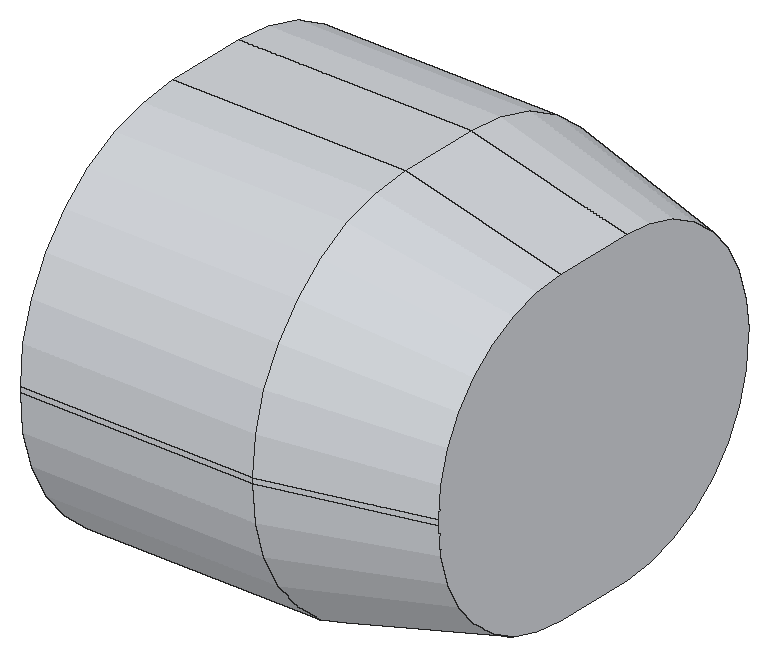
Revit family "M_Torneira oval - Cônica", category Conexões de duto, Revit 2019
Family settings
  Cota do conector redondo = Utilizar diâmetro
  Tipo de parte = Derivação - Ajustável
  Número OmniClass = 23.75.70.14
  Título OmniClass = Air Ductwork
  ID de item do Seek = Oval Tap - Conical-0000-CAN-ENU
  Com base no plano de trabalho = Não
  Sempre na vertical = Sim
  Corte com vazios quando carregada = Não
  Compartilhado = Não
Parameters (values of type "Padrão")
  built-in parameter 1114214 [instance] = 150 mm
  built-in parameter 1114213 [instance] = 100 mm
  built-in parameter 1114215 [instance] = if(Largura do duto 2 > 400 mm, Largura do duto 2 / 4, 100 mm)  # 0.32808 (stored number, unit not read)
  Largura do duto 2 [instance] = 250 mm
  Largura do duto 1 [instance] = Largura do duto 2 + 50 mm  # 300 mm
  Altura do duto 2 [instance] = 200 mm
  Altura do duto 1 [instance] = Altura do duto 2 + 50 mm  # 250 mm
Reference planes
  plane 1 "Centro (Frente/Trás)": y = 0
  plane 2: z = 0
  plane 3 "Centro (Esquerda/Direita)": x = 0
  plane 4: x = -150
  plane 5: x = 100
Forms (mm)
  Sweep 1, solid, detail levels medium+fine
    path in 3D
      loop
        line (0, 0, 0) -> (-150, 0, 0)
    profile "M_Duto - Oval : Duto - Oval 1" origin (-75, 0, 0) x (0, -1, 0) y (0, 0, 1)
      loop
        line (-150, 1.588) -> (-150, -1.588)
        arc (-150, -1.588) -> (-113.853, -88.853) -> (-26.587, -125) r 123.413
        line (-26.587, -125) -> (26.588, -125)
        arc (26.588, -125) -> (113.853, -88.853) -> (150, -1.587) r 123.413
        line (150, -1.587) -> (150, 1.587)
        arc (150, 1.587) -> (113.853, 88.853) -> (26.588, 125) r 123.413
        line (26.588, 125) -> (-26.587, 125)
        arc (-26.587, 125) -> (-113.853, 88.853) -> (-150, 1.588) r 123.413
  SweptBlend 2, solid, detail levels medium+fine
    path in 3D
      loop
        line (0, 0, 0) -> (100, 0, 0)
    profile "M_Duto - Oval : Duto - Oval 1" origin (0, 0, 0) x (0, 1, 0) y (0, 0, 1)
      loop
        line (-150, 1.588) -> (-150, -1.588)
        arc (-150, -1.588) -> (-113.853, -88.853) -> (-26.587, -125) r 123.413
        line (-26.587, -125) -> (26.588, -125)
        arc (26.588, -125) -> (113.853, -88.853) -> (150, -1.587) r 123.413
        line (150, -1.587) -> (150, 1.587)
        arc (150, 1.587) -> (113.853, 88.853) -> (26.588, 125) r 123.413
        line (26.588, 125) -> (-26.587, 125)
        arc (-26.587, 125) -> (-113.853, 88.853) -> (-150, 1.588) r 123.413
    end profile "M_Duto - Oval : Duto - Oval 2" origin (100, 0, 0) x (0, 1, 0) y (0, 0, 1)
      loop
        line (-125, 1.588) -> (-125, -1.587)
        arc (-125, -1.587) -> (-96.176, -71.176) -> (-26.587, -100) r 98.413
        line (-26.587, -100) -> (26.588, -100)
        arc (26.588, -100) -> (96.176, -71.176) -> (125, -1.587) r 98.413
        line (125, -1.587) -> (125, 1.587)
        arc (125, 1.587) -> (96.176, 71.176) -> (26.588, 100) r 98.413
        line (26.588, 100) -> (-26.587, 100)
        arc (-26.587, 100) -> (-96.176, 71.176) -> (-125, 1.588) r 98.413
Cuts and joins
  joined: Sweep 1, SweptBlend 2
Lines and regions (mm)
  model lines, not visible
    curve 1: line (0, 0, 0) -> (100, 0, 0)
  reference lines
    curve 2: line (0, 0, 0) -> (-150, 0, 0)
  sketch lines
    curve 3: line (0, 0, 0) -> (-150, 0, 0)
    curve 4: line (0, 0, 0) -> (100, 0, 0)
Dimensions and locks
  "built-in parameter 1114214": plane 4 to plane 3 "Centro (Esquerda/Direita)"
  "built-in parameter 1114213": plane 3 "Centro (Esquerda/Direita)" to plane 5
  aligned and locked: plane 3 "Centro (Esquerda/Direita)" to curve 1
  aligned and locked: plane 5 to curve 1
  aligned and locked: plane 1 "Centro (Frente/Trás)" to curve 1
  aligned and locked: plane 4 to curve 2
  aligned and locked: plane 3 "Centro (Esquerda/Direita)" to curve 2
  aligned and locked: curve 2 to plane 1 "Centro (Frente/Trás)"
Connectors
  hvac at (0, 0, 0), driven by "Altura do duto 1", driven by "Largura do duto 1"
    settings: on Sweep 1, index 1, duct flow 0.0 L/s, flow factor 0, pres drop 0.0 Pa, loss coef 0, conn angle 0.00°, conn width 300 mm, conn height 250 mm, conn diameter 609.6 mm, duct sys type 28, conn prof type 2, flow config 0, flow direction 0, loss method 0, conn ref index 2, conn util no, is conn primary yes, conn desc ""
  hvac at (100, 0, 0), driven by "Altura do duto 2", driven by "Largura do duto 2"
    settings: on SweptBlend 2, index 2, duct flow 0.0 L/s, flow factor 0, pres drop 0.0 Pa, loss coef 0, conn angle 0.00°, conn width 250 mm, conn height 200 mm, conn diameter 609.6 mm, duct sys type 28, conn prof type 2, flow config 0, flow direction 0, loss method 0, conn ref index 1, conn util no, is conn primary no, conn desc ""
